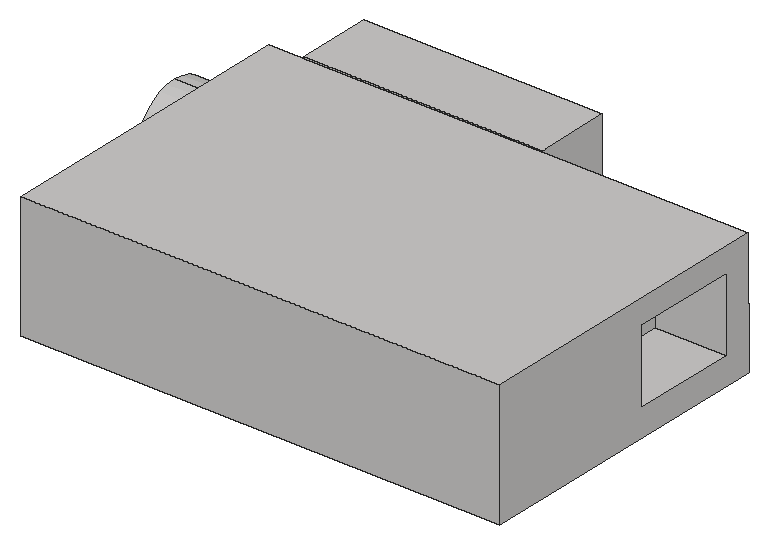
Revit family
Parameters
  Width = 2' - 2"
  Voltage = 277 V
  Unit Weight = "123.0 lbs"
  URL = "http://www.titus-hvac.com/"
  UL = "181"
  Supply Air Flow [instance] = 0 CFM
  Primary Air Pressure Drop [instance] = 0.00 in-wg
  Primary Air Flow [instance] = 0 CFM
  Plenum Air Pressure Drop [instance] = 0.00 in-wg
  Plenum Air Flow [instance] = 0 CFM
  Outlet Width = 0' - 9"
  Outlet Vertical Offset = 0' - 2 1/4"
  Outlet Horizontal Offset = 0' - 2"
  Outlet Height = 0' - 6 1/4"
  Number of Poles = 1
  Nominal Width = Width + 0' 6 1/4"  # 2' - 8 1/4"
  Nominal Length = Length + 0' 3 3/8"  # 3' - 7 5/8"
  Nominal Inlet Size = 0' - 8"
  Nominal Height = 0' - 10 5/8"
  NFPA = "90A"
  Motor Full Load Amps = 1.8 A
  Model = "DFLS"
  Min. Air Flow = 0 CFM
  Max. Air Flow = 900 CFM
  Material = Steel
  Manufacturer = "Titus"
  Length = 3' - 4 1/4"
  Juction Box Offset = 0' - 3"
  Inlet Diameter = Nominal Inlet Size - 0' 0 1/8"  # 0' - 7 7/8"
  Induced Air Inlet Vertical Offset = 0' - 0 5/8"
  Induced Air Inlet Horizontal Offset = 0' - 0 7/8"
  Induced Air Inlet Width = 1' - 2 5/8"
  Induced Air Inlet Height = 0' - 8 3/4"
  Induced Air Filter = no
  Height = 0' - 10 1/2"
  Heating Total Capacity [instance] = 0 Btu/h
  Half Outlet Connection Width = Outlet Width / 2  # 0' - 4 1/2"
  Half Outlet Connection Height = Outlet Height / 2  # 0' - 3 1/8"
  Half Height Start = -(Height / 2)  # -0' - 5 1/4"
  Half Height End = Height / 2  # 0' - 5 1/4"
  HP-Motor = "1/4"
  Frequency = 60 Hz
  Foil Face Liner = Choose Liner Option = 1  # no
  Fiber Free Liner = Choose Liner Option = 2  # no
  Fan Disconnect Switch = no
  Duct Radius = Nominal Inlet Size / 2  # 0' - 4"
  Description = "Series Fan Powered Terminal Unit, Direct Digital Control, Pressure Independent, Low Profile"
  Connection Void Radius = Connection Radius - 0' 0 1/4"  # 0' - 3 11/16"
  Connection Radius = Inlet Diameter / 2  # 0' - 3 15/16"
  Choose Liner Option = 0
  CADworks URL = "www.CADworks.net"
  Assembly Code = "D3040100"
  Apparent Power = Voltage * Motor Full Load Amps  # 498.6 VA
  Air Inlet Offset = 0' - 5 5/8"
  1/2" Fiberglass Liner = Choose Liner Option = 0  # yes
Reference planes (in)
  plane 1 "Center (Front/Back)": y = 0
  plane 2: z = 0
  plane 3 "Center (Left/Right)": x = 3
  plane 4: x = -17.125
  plane 5: x = 23.125
  plane 6: x = -14.125
  plane 7: x = -20.5
  plane 8 "Center (Elevation)": z = 0
  plane 9: y = -13
  plane 10: y = 13
  plane 11: y = 7.375
  plane 12: y = -12.125
  plane 13: y = 19.25
  plane 14: z = 5.25
  plane 15: z = -5.25
  plane 16: x = -11.125
  plane 17: x = 17.125
Forms (in)
  Extrusion 1, solid, material "Steel" <- "Material"
    sketch origin (0, 0, 0) x (1, 0, 0) y (0, 1, 0)
      loop
        line (-17.125, 13) -> (-17.125, -13) -> (23.125, -13) -> (23.125, 13) -> (-17.125, 13)
    from -5.25 <- "Half Height Start" to 5.25 <- "Half Height End"
  Extrusion 2, solid, material "Steel" <- "Material"
    sketch origin (4.5, 0, -4.25) x (1, 0, 0) y (0, 1, 0)
      loop
        line (-18.625, 13) -> (1.375, 13) -> (1.375, 19.25) -> (-18.625, 19.25) -> (-18.625, 13)
    from 0 to 9.625
  Extrusion 3, void
    sketch origin (23.125, 13, -0.5) x (0, 1, 0) y (0, 0, -1)
      loop
        line (-2.25, -3.75) -> (-2.25, 2.5) -> (-11.25, 2.5) -> (-11.25, -3.75) -> (-2.25, -3.75)
    from 0 to 6
  Extrusion 4, solid, material "Steel" <- "Material"
    sketch origin (-24.875, -5.125, 0) x (0, 0, -1) y (0, 1, 0)
      loop
        circle (0, 12.5) r 3.9375
    from 4.375 to 7.75
  Extrusion 5, void
    sketch origin (-24.875, 0, 0) x (0, 1, 0) y (0, 0, 1)
      loop
        circle (7.375, 0) r 3.6875
    from 4.375 to 13.75
  Extrusion 6, void
    sketch origin (-17.125, -13, 0) x (0, -1, 0) y (0, 0, -1)
      loop
        line (-15.5, -4.125) -> (-0.875, -4.125) -> (-0.875, 4.625) -> (-15.5, 4.625) -> (-15.5, -4.125)
    from 0 to 6
Cuts and joins
  Extrusion 3, Extrusion 5, Extrusion 6 cuts Extrusion 1
  Extrusion 5 cuts Extrusion 4
Dimensions and locks (in)
  "Length": plane 5 to plane 4
  equal spacing: plane 5, plane 3 "Center (Left/Right)", plane 4, locked at 20.125 each
  locked: Extrusion 2 to Extrusion 2 at 20
  "Juction Box Offset": plane 6 to plane 4
  "Outlet Height": Extrusion 3 sketch curve to Extrusion 3 sketch curve
  "Outlet Width": Extrusion 3 sketch curve to Extrusion 3 sketch curve
  locked: plane 4 to plane 7 at 3.375
  "Width": plane 9 to plane 10
  equal spacing: plane 9, plane 1 "Center (Front/Back)", plane 10, locked at 13 each
  locked: Extrusion 2 to Extrusion 2 at 6.25
  locked: cut or joined group of Extrusion 4, Extrusion 5 to plane 11 at 0
  locked: Extrusion 5 sketch curve to plane 11 at 0  (x2)
  "Air Inlet Offset": plane 10 to plane 11
  locked: cut or joined group of Extrusion 4, Extrusion 5 to cut or joined group of Extrusion 4, Extrusion 5 at 3.375
  "Outlet Horizontal Offset": Extrusion 3 sketch curve to cut or joined group of Extrusion 1, Extrusion 3, Extrusion 5, Extrusion 6
  "Induced Air Inlet Horizontal Offset": plane 9 to plane 12
  "Induced Air Inlet Width": Extrusion 6 sketch curve to Extrusion 6 sketch curve
  "Induced Air Inlet Height": Extrusion 6 sketch curve to Extrusion 6 sketch curve
  "Induced Air Inlet Horizontal Offset": Extrusion 6 sketch curve to plane 9
  "Outlet Vertical Offset": Extrusion 3 sketch curve to plane 10
  locked: Extrusion 4 sketch curve to level at 0
  locked: Extrusion 4 sketch curve to plane 11 at 0
  locked: Extrusion 5 sketch curve to level at 0
  "Induced Air Inlet Vertical Offset": cut or joined group of Extrusion 1, Extrusion 3, Extrusion 5, Extrusion 6 to Extrusion 6 sketch curve
  locked: Extrusion 2 to Extrusion 2 at 9.625
  locked: plane 15 to Extrusion 2 at 1
  equal spacing: plane 14, level, plane 15, locked at 5.25 each
  locked: plane 4 to plane 16 at 6
  locked: plane 17 to plane 5 at 6
  "Connection Radius": radius of Extrusion 4 sketch curve
  "Connection Void Radius": radius of Extrusion 5 sketch curve
  aligned and locked: plane 13 to Extrusion 2
  aligned and locked: plane 6 to Extrusion 2
  aligned and locked: plane 10 to cut or joined group of Extrusion 1, Extrusion 3, Extrusion 5, Extrusion 6
  aligned and locked: plane 4 to cut or joined group of Extrusion 1, Extrusion 3, Extrusion 5, Extrusion 6  (x2)
  aligned and locked: plane 5 to cut or joined group of Extrusion 1, Extrusion 3, Extrusion 5, Extrusion 6  (x2)
  aligned and locked: plane 9 to cut or joined group of Extrusion 1, Extrusion 3, Extrusion 5, Extrusion 6
  aligned and locked: plane 14 to cut or joined group of Extrusion 1, Extrusion 3, Extrusion 5, Extrusion 6
  aligned and locked: plane 15 to cut or joined group of Extrusion 1, Extrusion 3, Extrusion 5, Extrusion 6
  aligned and locked: plane 10 to Extrusion 2
  aligned and locked: Extrusion 3 to plane 17
  aligned and locked: Extrusion 6 to Extrusion 5
  aligned and locked: plane 17 to cut or joined group of Extrusion 1, Extrusion 3, Extrusion 5, Extrusion 6
  aligned and locked: plane 16 to cut or joined group of Extrusion 1, Extrusion 3, Extrusion 5, Extrusion 6  (x2)
  aligned and locked: plane 7 to cut or joined group of Extrusion 4, Extrusion 5  (x2)
  aligned and locked: plane 4 to cut or joined group of Extrusion 4, Extrusion 5
  aligned and locked: plane 12 to cut or joined group of Extrusion 1, Extrusion 3, Extrusion 5, Extrusion 6
Automatic sketch dimensions
  Extrusion 1 sketch curve to plane 4 = 0' - 0"
  plane 5 to Extrusion 1 sketch curve = 0' - 0"
  Extrusion 1 sketch curve to plane 9 = 0' - 0"
  Extrusion 1 sketch curve to plane 10 = 0' - 0"
  Extrusion 2 sketch curve to plane 6 = 0' - 0"
  Extrusion 2 sketch curve to plane 10 = 0' - 0"
  Extrusion 2 sketch curve to plane 5 = 1' - 5 1/4"
  Extrusion 2 sketch curve to Extrusion 2 sketch curve = 0' - 6 1/4"
Connectors (in)
  electrical at (-4.125, 19.25, 0.5625), driven by "Apparent Power", driven by "Voltage", driven by "Number of Poles"
    settings: on Extrusion 2, index 8
  hvac at (-20.5, 7.375, 0), driven by "Duct Radius", driven by "Primary Air Pressure Drop", driven by "Primary Air Flow"
    settings: on cut or joined group of Extrusion 4, Extrusion 5, index 9
  hvac at (-17.125, -4.8125, -0.25), driven by "Induced Air Inlet Height", driven by "Induced Air Inlet Width", driven by "Plenum Air Pressure Drop", driven by "Plenum Air Flow"
    settings: on cut or joined group of Extrusion 1, Extrusion 3, Extrusion 5, Extrusion 6, index 10
  hvac at (23.125, 6.25, 0.125), driven by "Outlet Height", driven by "Outlet Width", driven by "Supply Air Flow"
    settings: on cut or joined group of Extrusion 1, Extrusion 3, Extrusion 5, Extrusion 6, index 11
